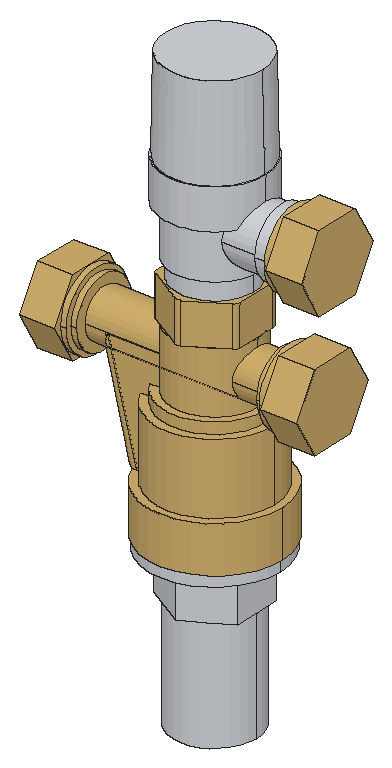
Revit family
Parameters (values of type "KHN3.106")
  URL = "http://www.autospec.co.za/browse.php?id=1644179288"
  Radius of Pipe = Diameter of Pipe / 2  # 7.5 mm
  Product Code = "KHN3.106"
  Pressure Rating = 600 kPa
  OmniClass Title = ""
  OmniClass Number = ""
  Modspec Classification = ""
  Specification = ""
  Location (revit room) = ""
  Model = "Pressure Control Mono Valve KHN3.106"
  Manufacturer = "Kwikot"  # constant formula
  Material = DZR Brass
  Diameter of Pipe = 15 mm
  Colour = none
  Body Finish = none
  Assembly Code = "D2090800"
Reference planes
  plane 1 "Center (Front/Back)": y = 0
  plane 2: z = 0
  plane 3 "Center (Left/Right)": x = 0
  plane 4: z = -102
  plane 5: z = 85
  plane 6: z = -67
  plane 7: x = 13
  plane 8: x = -13
  plane 9: z = -49.4
  plane 10: z = -34.9
  plane 11: z = -52.865
  plane 12: z = -12.9
  plane 13: z = -9.4
  plane 14: z = 9.6
  plane 15: z = 22.1
  plane 16: z = 28.1
  plane 17: z = 43.6
  plane 18: z = 56
  plane 19: x = 21.5
  plane 20: x = -34.5
  plane 21: x = 36.5
  plane 22: x = -49.5
  plane 23: x = 23.5
  plane 24: x = 25.5
  plane 25: x = -36.5
  plane 26: x = -38.5
  plane 27: z = 39.2
  plane 28: x = 38
  plane 29: x = 27
  plane 30: x = -6.5
Forms (mm)
  Extrusion 1, solid, detail levels fine
    sketch origin (-440, -1524, -102) x (-1, 0, 0) y (0, -1, 0)
      loop
        circle (-440, -1524) r 13
    from 0 to 35
  Extrusion 2, solid, detail levels fine
    sketch origin (-440, -1524, -67) x (-1, 0, 0) y (0, -1, 0)
      loop
        line (-453, -1531.506) -> (-440, -1539.011) -> (-427, -1531.506) -> (-427, -1516.494) -> (-440, -1508.989) -> (-453, -1516.494) -> (-453, -1531.506)
    from 0 to 14.135
  Extrusion 3, solid, detail levels fine
    sketch origin (-20.969, -1524, -52.865) x (-1, 0, 0) y (0, -1, 0)
      loop
        circle (-20.969, -1524) r 20.5
    from 0 to 3.465
  Extrusion 4, solid, material "DZR Brass" <- "Material", detail levels fine
    sketch origin (-165.612, -1524, -49.4) x (-1, 0, 0) y (0, -1, 0)
      loop
        circle (-165.612, -1524) r 21
    from 0 to 14.5
  Extrusion 5, solid, material "DZR Brass" <- "Material", detail levels fine
    sketch origin (0, 0, 0) x (0, 1, 0) y (0, 0, 1)
      loop
        circle (0, 0) r 7.5
    from 21.5 to -34.5
  Extrusion 6, solid, material "DZR Brass" <- "Material", detail levels fine
    sketch origin (-165.612, -1524, -34.9) x (-1, 0, 0) y (0, -1, 0)
      loop
        circle (-165.612, -1524) r 18.5
    from 0 to 22
  Extrusion 7, solid, material "DZR Brass" <- "Material", detail levels fine
    sketch origin (-60.699, -1524, -12.9) x (-1, 0, 0) y (0, -1, 0)
      loop
        circle (-60.699, -1524) r 16
    from 0 to 3.5
  Extrusion 8, solid, material "DZR Brass" <- "Material", detail levels fine
    sketch origin (-60.699, -1524, -9.4) x (-1, 0, 0) y (0, -1, 0)
      loop
        circle (-60.699, -1524) r 13.5
    from 0 to 19
  Blend 9, solid, material "DZR Brass" <- "Material", detail levels fine
    base sketch origin (-60.699, -1524, -9.4) x (-1, 0, 0) y (0, -1, 0)
      loop
        arc (-33.344, -1531.5) -> (-32.119, -1531.239) -> (-31.108, -1530.5) r 3
        arc (-31.108, -1530.5) -> (-28.625, -1524) -> (-31.108, -1517.5) r 9.75
        arc (-31.108, -1517.5) -> (-32.119, -1516.761) -> (-33.344, -1516.5) r 3
        line (-33.344, -1516.5) -> (-54.199, -1516.5) -> (-54.199, -1531.5) -> (-33.344, -1531.5)
    top sketch origin (-60.699, -1524, -9.4) x (-1, 0, 0) y (0, -1, 0)
      loop
        line (-54.199, -1531.5) -> (-41.076, -1531.5)
        arc (-41.076, -1531.5) -> (-39.522, -1530.951) -> (-38.659, -1529.548) r 2.472
        arc (-38.659, -1529.548) -> (-37.702, -1524.321) -> (-38.455, -1519.06) r 16.5
        arc (-38.455, -1519.06) -> (-40.056, -1517.196) -> (-42.412, -1516.5) r 4.338
        line (-42.412, -1516.5) -> (-54.199, -1516.5) -> (-54.199, -1531.5)
    from 9.4 to -25.5
  Extrusion 10, solid, material "DZR Brass" <- "Material", detail levels fine
    sketch origin (-60.699, -1524, 9.6) x (-1, 0, 0) y (0, -1, 0)
      loop
        line (-72.699, -1532.083) -> (-61.699, -1538.434)
        arc (-61.699, -1538.434) -> (-60.699, -1538.702) -> (-59.699, -1538.434) r 2
        line (-59.699, -1538.434) -> (-48.699, -1532.083)
        arc (-48.699, -1532.083) -> (-47.967, -1531.351) -> (-47.699, -1530.351) r 2
        line (-47.699, -1530.351) -> (-47.699, -1517.649)
        arc (-47.699, -1517.649) -> (-47.967, -1516.649) -> (-48.699, -1515.917) r 2
        line (-48.699, -1515.917) -> (-59.699, -1509.566)
        arc (-59.699, -1509.566) -> (-60.699, -1509.298) -> (-61.699, -1509.566) r 2
        line (-61.699, -1509.566) -> (-72.699, -1515.917)
        arc (-72.699, -1515.917) -> (-73.431, -1516.649) -> (-73.699, -1517.649) r 2
        line (-73.699, -1517.649) -> (-73.699, -1530.351)
        arc (-73.699, -1530.351) -> (-73.431, -1531.351) -> (-72.699, -1532.083) r 2
    from 0 to 12.5
  Extrusion 11, solid, detail levels fine
    sketch origin (-60.699, -1524, 22.1) x (-1, 0, 0) y (0, -1, 0)
      loop
        circle (-60.699, -1524) r 12.2
    from 0 to 6
  Extrusion 12, solid, detail levels fine
    sketch origin (-60.699, -1524, 28.1) x (-1, 0, 0) y (0, -1, 0)
      loop
        circle (-60.699, -1524) r 13.5
    from 0 to 15.5
  Extrusion 13, solid, detail levels fine
    sketch origin (-60.699, -1524, 43.6) x (-1, 0, 0) y (0, -1, 0)
      loop
        circle (-60.699, -1524) r 16
    from 0 to 12.4
  Blend 14, solid, detail levels fine
    base sketch origin (-60.699, -1524, 56) x (-1, 0, 0) y (0, -1, 0)
      loop
        circle (-60.699, -1524) r 15.5
    top sketch origin (-60.699, -1524, 56) x (-1, 0, 0) y (0, -1, 0)
      loop
        circle (-60.699, -1524) r 15
    from 0 to 29
  Extrusion 15, solid, material "DZR Brass" <- "Material", detail levels fine
    sketch origin (21.5, -1524, -21.263) x (0, 0, -1) y (0, -1, 0)
      loop
        circle (-21.263, -1524) r 10.5
    from 0 to -2
  Extrusion 16, solid, material "DZR Brass" <- "Material", detail levels fine
    sketch origin (-34.5, -1524, -21.263) x (0, 0, -1) y (0, -1, 0)
      loop
        circle (-21.263, -1524) r 10.5
    from 0 to 2
  Extrusion 17, solid, material "DZR Brass" <- "Material", detail levels fine
    sketch origin (21.5, -1524, -21.263) x (0, 0, -1) y (0, -1, 0)
      loop
        circle (-21.263, -1524) r 12
    from -2 to -4
  Extrusion 18, solid, material "DZR Brass" <- "Material", detail levels fine
    sketch origin (-34.5, -1524, -21.263) x (0, 0, -1) y (0, -1, 0)
      loop
        circle (-21.263, -1524) r 12
    from 2 to 4
  Extrusion 19, solid, material "DZR Brass" <- "Material", detail levels fine
    sketch origin (25.5, -1524, -21.263) x (0, 0, -1) y (0, -1, 0)
      loop
        line (-9.263, -1517.072) -> (-21.263, -1510.144) -> (-33.263, -1517.072) -> (-33.263, -1530.928) -> (-21.263, -1537.856) -> (-9.263, -1530.928) -> (-9.263, -1517.072)
    from 0 to -11
  Extrusion 20, solid, material "DZR Brass" <- "Material", detail levels fine
    sketch origin (-38.5, -1524, -21.263) x (0, 0, -1) y (0, -1, 0)
      loop
        line (-33.263, -1517.072) -> (-33.263, -1530.928) -> (-21.263, -1537.856) -> (-9.263, -1530.928) -> (-9.263, -1517.072) -> (-21.263, -1510.144) -> (-33.263, -1517.072)
    from 0 to 11
  Extrusion 21, solid, detail levels fine
    sketch origin (0, 0, 0) x (0, 1, 0) y (0, 0, 1)
      loop
        circle (0, 39.2) r 9.5
    from 0 to 20.8
  Extrusion 22, solid, detail levels fine
    sketch origin (0, 0, 0) x (0, 1, 0) y (0, 0, 1)
      loop
        circle (0, 39.2) r 10.45
    from 20.8 to 25
  Extrusion 23, solid, material "DZR Brass" <- "Material", detail levels fine
    sketch origin (0, 0, 0) x (0, 1, 0) y (0, 0, 1)
      loop
        circle (0, 39.2) r 12
    from 25 to 27
  Extrusion 24, solid, material "DZR Brass" <- "Material", detail levels fine
    sketch origin (38, -1524, 63.742) x (0, 0, 1) y (0, -1, 0)
      loop
        line (-12.542, -1517.072) -> (-24.542, -1510.144) -> (-36.542, -1517.072) -> (-36.542, -1530.928) -> (-24.542, -1537.856) -> (-12.542, -1530.928) -> (-12.542, -1517.072)
    from 0 to -11
Cuts and joins
  joined: Extrusion 11, Extrusion 12, Extrusion 13, Blend 14, Extrusion 21, Extrusion 22
  joined: Extrusion 23, Extrusion 24
  joined: Extrusion 1, Extrusion 2, Extrusion 3
  joined: Extrusion 5, Extrusion 10, Extrusion 15, Extrusion 16, Extrusion 17, Extrusion 18, Extrusion 19, Extrusion 20
  joined: Extrusion 4, Extrusion 6, Extrusion 7, Extrusion 8, Blend 9
Lines and regions (mm)
  model lines
    curve 1: line (-6.5, 0, 0) -> (-6.5, 27.166, 0)
    curve 2: line (-16.5, 27.166, 0) -> (3.5, 27.166, 0)
    curve 3: arc (-16.5, 27.166, 0) -> (-6.5, 30.985, 0) -> (3.5, 27.166, 0) r 15
    curve 4: line (-6.5, 30.985, 0) -> (-6.5, 42.166, 0)
    curve 5: line (-6.5, 42.166, 0) -> (29.75, 42.166, 0)
    curve 6: line (29.75, 42.166, 0) -> (29.75, 0, 0)
    curve 7: line (-34.5, -10.5, 0) -> (-34.5, 10.5, 0)
    curve 8: line (-34.5, 10.5, 0) -> (21.5, -10.5, 0)
    curve 9: line (-34.5, -10.5, 0) -> (21.5, 10.5, 0)
    curve 10: line (21.5, -10.5, 0) -> (21.5, 10.5, 0)
    curve 11: line (-34.5, 0, 0) -> (-49.5, 0, 0)
    curve 12: line (21.5, 0, 0) -> (36.5, 0, 0)
Dimensions and locks
  level to plane 4 = 102 mm
  plane 6 to plane 4 = 35 mm
  plane 8 to plane 7 = 26 mm
  plane 3 "Center (Left/Right)" to plane 19 = 21.5 mm
  plane 20 to plane 19 = 56 mm
  plane 3 "Center (Left/Right)" to plane 21 = 36.5 mm
  plane 22 to plane 3 "Center (Left/Right)" = 49.5 mm
  plane 27 to plane 2 = 39.2 mm
  plane 28 to plane 3 "Center (Left/Right)" = 38 mm
  plane 28 to plane 29 = 11 mm
  plane 29 to plane 3 "Center (Left/Right)" = 27 mm
  "Radius of Pipe": plane 1 "Center (Front/Back)" to Blend 9 sketch curve
  equal spacing: Blend 9 sketch curve, plane 1 "Center (Front/Back)", Blend 9 sketch curve
  plane 20 to Blend 9 sketch curve = 2.426 mm
  plane 20 to Blend 9 sketch curve = 11.5 mm
  radius of Extrusion 1 sketch curve = 13 mm
  "Radius of Pipe": radius of Extrusion 5 sketch curve
  radius of Extrusion 21 sketch curve = 9.5 mm
  radius of Extrusion 23 sketch curve = 12 mm
  radius of Extrusion 22 sketch curve = 10.45 mm
  aligned and locked: level to plane 2
  aligned and locked: plane 6 to Extrusion 1
  aligned and locked: Extrusion 1 to plane 4
  aligned and locked: plane 11 to Extrusion 2
  aligned and locked: Extrusion 2 to plane 6
  aligned and locked: plane 9 to Extrusion 3
  aligned and locked: Extrusion 3 to Extrusion 2
  aligned and locked: plane 10 to Extrusion 4
  aligned and locked: Extrusion 4 to plane 9
  aligned and locked: plane 12 to Extrusion 6
  aligned and locked: Extrusion 6 to plane 10
  aligned and locked: plane 13 to Extrusion 7
  aligned and locked: Extrusion 7 to plane 12
  aligned and locked: plane 14 to Extrusion 8
  aligned and locked: Extrusion 8 to Extrusion 7
  aligned and locked: plane 15 to Extrusion 10
  aligned and locked: Extrusion 10 to Extrusion 8
  aligned and locked: plane 16 to Extrusion 11
  aligned and locked: Extrusion 11 to plane 15
  aligned and locked: plane 17 to Extrusion 12
  aligned and locked: Extrusion 12 to plane 16
  aligned and locked: plane 18 to Extrusion 13
  aligned and locked: Extrusion 13 to plane 17
  aligned and locked: plane 5 to Blend 14
  aligned and locked: Blend 14 to plane 18
  aligned and locked: plane 20 to Extrusion 5
  aligned and locked: Extrusion 5 to plane 19
  aligned: Extrusion 16 sketch curve to Extrusion 15
  aligned and locked: Extrusion 16 sketch curve to Extrusion 15
  aligned and locked: Extrusion 17 to Extrusion 15
  aligned: Extrusion 18 sketch curve to Extrusion 17
  aligned and locked: Extrusion 18 sketch curve to Extrusion 17
  aligned and locked: Extrusion 15 to plane 23
  aligned and locked: plane 23 to Extrusion 17
  aligned and locked: Extrusion 17 to plane 24
  aligned and locked: plane 25 to Extrusion 16
  aligned and locked: Extrusion 18 to Extrusion 16
  aligned and locked: plane 26 to Extrusion 18
  aligned and locked: Extrusion 19 to Extrusion 17
  aligned and locked: Extrusion 19 to plane 21
  aligned and locked: plane 22 to Extrusion 20
  aligned and locked: Extrusion 20 to Extrusion 18
  aligned and locked: plane 1 "Center (Front/Back)" to Extrusion 21 sketch curve
  aligned and locked: plane 27 to Extrusion 21 sketch curve
  aligned and locked: plane 27 to Extrusion 22 sketch curve
  aligned and locked: plane 1 "Center (Front/Back)" to Extrusion 22 sketch curve
  aligned and locked: plane 27 to Extrusion 23 sketch curve
  aligned and locked: plane 1 "Center (Front/Back)" to Extrusion 23 sketch curve
  aligned and locked: plane 29 to Extrusion 23
  aligned and locked: plane 28 to Extrusion 24
  aligned and locked: Extrusion 24 to plane 29
  aligned and locked: plane 30 to Blend 9 sketch curve
  aligned and locked: plane 1 "Center (Front/Back)" to Blend 9 sketch curve
  aligned and locked: Blend 9 sketch curve to var sketch  (x2)
  aligned and locked: var sketch to Blend 9 sketch curve
  aligned and locked: cut or joined group of Extrusion 5, Extrusion 10, Extrusion 15, Extrusion 16, Extrusion 17, Extrusion 18, Extrusion 19, Extrusion 20 to curve 12
Automatic sketch dimensions
  plane 1 "Center (Front/Back)" to Extrusion 1 sketch curve = 0 mm
  Extrusion 1 sketch curve to plane 3 "Center (Left/Right)" = 0 mm
  Extrusion 2 sketch curve to plane 7 = 0 mm
  Extrusion 2 sketch curve to plane 3 "Center (Left/Right)" = 0 mm  (x2)
  Extrusion 2 sketch curve to plane 8 = 0 mm
  Extrusion 2 sketch curve to plane 1 "Center (Front/Back)" = 15.011 mm
  Extrusion 2 sketch curve to plane 1 "Center (Front/Back)" = 7.506 mm  (x2)
  plane 1 "Center (Front/Back)" to Extrusion 2 sketch curve = 7.506 mm  (x2)
  Extrusion 2 sketch curve to Extrusion 2 sketch curve = 7.506 mm
  plane 1 "Center (Front/Back)" to Extrusion 3 sketch curve = 0 mm
  Extrusion 3 sketch curve to plane 3 "Center (Left/Right)" = 0 mm
  plane 1 "Center (Front/Back)" to Extrusion 4 sketch curve = 0 mm
  Extrusion 4 sketch curve to plane 3 "Center (Left/Right)" = 0 mm
  Extrusion 5 sketch curve to level = 0 mm
  Extrusion 5 sketch curve to plane 1 "Center (Front/Back)" = 0 mm
  plane 1 "Center (Front/Back)" to Extrusion 6 sketch curve = 0 mm
  Extrusion 6 sketch curve to plane 3 "Center (Left/Right)" = 0 mm
  plane 1 "Center (Front/Back)" to Extrusion 7 sketch curve = 0 mm
  Extrusion 7 sketch curve to plane 3 "Center (Left/Right)" = 0 mm
  plane 1 "Center (Front/Back)" to Extrusion 8 sketch curve = 0 mm
  Extrusion 8 sketch curve to plane 3 "Center (Left/Right)" = 0 mm
  Extrusion 10 sketch curve to plane 7 = 0 mm
  Extrusion 10 sketch curve to plane 3 "Center (Left/Right)" = 0 mm  (x2)
  Extrusion 10 sketch curve to plane 8 = 0 mm
  plane 7 to Extrusion 10 sketch curve = 1 mm  (x2)
  Extrusion 10 sketch curve to Extrusion 10 sketch curve = 2 mm  (x2)
  plane 3 "Center (Left/Right)" to Extrusion 10 sketch curve = 1 mm  (x2)
  Extrusion 10 sketch curve to plane 3 "Center (Left/Right)" = 1 mm  (x2)
  Extrusion 10 sketch curve to plane 8 = 2 mm  (x2)
  Extrusion 10 sketch curve to plane 8 = 1 mm  (x2)
  Extrusion 10 sketch curve to plane 1 "Center (Front/Back)" = 14.434 mm
  Extrusion 10 sketch curve to Extrusion 10 sketch curve = 1.732 mm  (x2)
  Extrusion 10 sketch curve to plane 1 "Center (Front/Back)" = 8.083 mm  (x2)
  plane 1 "Center (Front/Back)" to Extrusion 10 sketch curve = 6.351 mm  (x2)
  Extrusion 10 sketch curve to Extrusion 10 sketch curve = 6.351 mm
  plane 1 "Center (Front/Back)" to Extrusion 11 sketch curve = 0 mm
  Extrusion 11 sketch curve to plane 3 "Center (Left/Right)" = 0 mm
  plane 1 "Center (Front/Back)" to Extrusion 12 sketch curve = 0 mm
  Extrusion 12 sketch curve to plane 3 "Center (Left/Right)" = 0 mm
  plane 1 "Center (Front/Back)" to Extrusion 13 sketch curve = 0 mm
  Extrusion 13 sketch curve to plane 3 "Center (Left/Right)" = 0 mm
  plane 1 "Center (Front/Back)" to Blend 14 sketch curve = 0 mm  (x2)
  Blend 14 sketch curve to plane 3 "Center (Left/Right)" = 0 mm  (x2)
  Extrusion 15 sketch curve to level = 0 mm
  Extrusion 15 sketch curve to plane 1 "Center (Front/Back)" = 0 mm
  Extrusion 17 sketch curve to level = 0 mm
  Extrusion 17 sketch curve to plane 1 "Center (Front/Back)" = 0 mm
  Extrusion 19 sketch curve to level = 0 mm  (x2)
  plane 14 to Extrusion 19 sketch curve = 2.4 mm
  plane 12 to Extrusion 19 sketch curve = 0.9 mm
  Extrusion 19 sketch curve to plane 1 "Center (Front/Back)" = 13.856 mm
  Extrusion 19 sketch curve to plane 1 "Center (Front/Back)" = 6.928 mm  (x2)
  plane 1 "Center (Front/Back)" to Extrusion 19 sketch curve = 6.928 mm  (x2)
  plane 1 "Center (Front/Back)" to Extrusion 19 sketch curve = 13.856 mm
  Extrusion 20 sketch curve to level = 0 mm  (x2)
  plane 14 to Extrusion 20 sketch curve = 2.4 mm
  plane 12 to Extrusion 20 sketch curve = 0.9 mm
  Extrusion 20 sketch curve to plane 1 "Center (Front/Back)" = 13.856 mm
  Extrusion 20 sketch curve to plane 1 "Center (Front/Back)" = 6.928 mm  (x2)
  plane 1 "Center (Front/Back)" to Extrusion 20 sketch curve = 6.928 mm  (x2)
  Extrusion 20 sketch curve to Extrusion 20 sketch curve = 6.928 mm
  Blend 9 sketch curve to Blend 9 sketch curve = 2.236 mm  (x2)
  Blend 9 sketch curve to Blend 9 sketch curve = 0 mm  (x4)
  Blend 9 sketch curve to Blend 9 sketch curve = 2 mm
  plane 1 "Center (Front/Back)" to Blend 9 sketch curve = 0 mm
  Blend 9 sketch curve to plane 30 = 0 mm
  Blend 9 sketch curve to Blend 9 sketch curve = 2.417 mm
  Blend 9 sketch curve to Blend 9 sketch curve = 1.778 mm
  plane 1 "Center (Front/Back)" to curve 11 = 0 mm
  curve 11 to plane 22 = 0 mm
  curve 11 to plane 20 = 0 mm
  curve 5 to plane 30 = 0 mm
  curve 1 to plane 30 = 0 mm
  curve 3 to plane 30 = 0 mm
  curve 8 to plane 19 = 0 mm
  plane 1 "Center (Front/Back)" to curve 6 = 0 mm
  plane 1 "Center (Front/Back)" to curve 1 = 0 mm
  plane 8 to curve 2 = 3.5 mm
  plane 29 to curve 5 = 2.75 mm
  plane 1 "Center (Front/Back)" to curve 7 = 10.5 mm
  curve 10 to curve 12 = 10.5 mm
  curve 9 to plane 1 "Center (Front/Back)" = 10.5 mm
  curve 1 to curve 3 = 15.985 mm
  curve 3 to curve 3 = 11.18 mm
  curve 3 to curve 6 = 15 mm
  radius of Extrusion 3 sketch curve = 20.5 mm
  radius of Extrusion 4 sketch curve = 21 mm
  radius of Extrusion 6 sketch curve = 18.5 mm
  radius of Extrusion 7 sketch curve = 16 mm
  radius of Extrusion 8 sketch curve = 13.5 mm
  radius of Extrusion 11 sketch curve = 12.2 mm
  radius of Extrusion 12 sketch curve = 13.5 mm
  radius of Extrusion 13 sketch curve = 16 mm
  radius of Blend 14 sketch curve = 15.5 mm
  radius of Blend 14 sketch curve = 15 mm
  radius of Extrusion 15 sketch curve = 10.5 mm
  radius of Extrusion 17 sketch curve = 12 mm
Connectors
  piping at (-49.5, 0, 0), driven by "Radius of Pipe"
    settings: on Extrusion 20, index 1, connector radius 7.5 mm, flow factor 0, pipe flow 0.0 L/s, pressure drop 0 kPa, fitting loss kfactor 0, connector angle 0.00°, fixture units 0, flow configuration 0, flow direction 1, fitting loss method 0, system type 29, connector reference index 2, connector utility 0, adjustable connector yes, is connector primary yes, fitting loss table "", connector description "Pipe Connector"
  piping at (36.5, 0, 0), driven by "Radius of Pipe"
    settings: on Extrusion 19, index 2, connector radius 7.5 mm, flow factor 0, pipe flow 0.0 L/s, pressure drop 0 kPa, fitting loss kfactor 0, connector angle 0.00°, fixture units 0, flow configuration 0, flow direction 2, fitting loss method 0, system type 29, connector reference index 1, connector utility 0, adjustable connector yes, is connector primary no, fitting loss table "", connector description "Pipe Connector"
  piping at (38, 0, 39.2), driven by "Radius of Pipe"
    settings: on cut or joined group of Extrusion 23, Extrusion 24, index 3, connector radius 7.5 mm, flow factor 0, pipe flow 0.0 L/s, pressure drop 0 kPa, fitting loss kfactor 0, connector angle 0.00°, fixture units 0, flow configuration 0, flow direction 2, fitting loss method 0, system type 29, connector reference index -1, connector utility 0, adjustable connector yes, is connector primary no, fitting loss table "", connector description "Pipe Connector"
